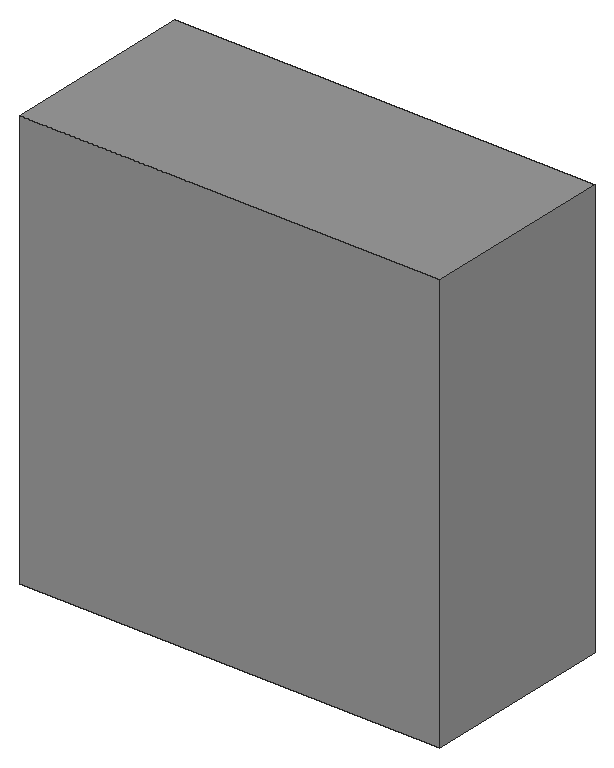
Revit family "NRG_Bedieneinheit_V1700", category Notrufgeräte, Revit 2017
Family settings
  Beschriftungsausrichtung beibehalten = Nein
  Bemaßung runder Anschluss = Durchmesser verwenden
  Teiletyp = Normal
  OmniClass-Nummer = 23.85.30.24
  OmniClass-Titel = Emergency Call Systems
  Arbeitsebenenbasiert = Nein
  Immer vertikal = Ja
  Beim Laden mit Abzugskörper schneiden = Ja
  Gemeinsam genutzt = Nein
  Raumberechnungspunkt = Nein
Parameters (values of type "Bedieneinheit_SR")
  pbr_Material_KZ = ""
  pbr_Material = none
  pbr_E_Typ = ""
  pbr_E_KZ = ""
  pbr_DINBild = 0
  pbr_Bild = 0
  pbr_3Dx_Delta_Korrekturversatz [instance] = 0 mm
  pbr_3DX_Versatzfaktor [instance] = 0
  pbr_2DY_Versatzfaktor [instance] = 0
  pbr_2DX_Versatzfaktor [instance] = 0
  lfd_STRK [instance] = 0
  cpiFitMatchKey [instance] = "BM EMA"  # constant formula
  Zimmersignalleuchte = no
  Winkel [instance] = 90.00°
  Typ [instance] = ""
  Tiefe = 37 mm
  Text3 [instance] = ""
  Text2 [instance] = ""
  Text1 [instance] = ""
  Port2 [instance] = ""
  Port1 [instance] = ""
  Planungsbüro Rohling = "www.pbr.de"
  Patchfeld [instance] = ""
  Notrufanzeige = no
  Netzart = ""
  Menge(Dosenzahl) [instance] = 0
  Länge = Breite  # 80 mm
  Linie/Anschluss [instance] = ""
  Linie [instance] = ""
  Lastklassifizierung = none
  Installationsart [instance] = ""
  Info [instance] = ""
  Gruppensignalleuchte = no
  Gewerk [instance] = "SR"
  Elektronikmodul mit Anzeigeeinheit = no
  Eckversatz [instance] = 0 mm
  YFrontversatz [instance] = if(pbr_2DY_Versatzfaktor = 300, 0 mm, pbr_2DY_Versatzfaktor * 300 mm)  # 0 mm
  XSeitenversatz [instance] = if(pbr_2DX_Versatzfaktor = 0, 3000 mm, 3000 mm + (pbr_2DX_Versatzfaktor * 300 mm)) + Eckversatz  # 3000 mm
  X3Dversatz [instance] = if([3DX_Versatzkontrolle] = 0, 2000 mm, 2000 mm + ([3DX_Versatzkontrolle] * (300 mm - Breite))) + pbr_3Dx_Delta_Korrekturversatz  # 2000 mm
  Niveau [instance] = 1200 mm
  Display = no
  Dienstzimmeranzeige = no
  Bus [instance] = ""
  Breite = 80 mm
  Betriebsstrom ruhe [instance] = 0
  Betriebsstrom max [instance] = 0
  Bedieneinheit SR = yes
  3DX_Versatzkontrolle [instance] = if(pbr_3DX_Versatzfaktor = 0, (pbr_2DX_Versatzfaktor * -1), (((-1 * pbr_3DX_Versatzfaktor) + pbr_2DX_Versatzfaktor) * -1))  # 0
  3DX_Versatz [instance] = if([3DX_Versatzkontrolle] = 0, 2000 mm, 2000 mm + ([3DX_Versatzkontrolle] * (300 mm - Breite))) + pbr_3Dx_Delta_Korrekturversatz  # 2000 mm
Reference planes
  plane 1 "Mitte (Vorne/Hinten)": y = 0
  plane 2: z = 0
  plane 3 "Mitte (Links/Rechts)": x = 22.5
  plane 4: x = -127.5
  plane 5: x = 172.5
  plane 6: y = 300
  plane 7 "Schalterhinten": y = 0
  plane 8: x = -2977.5
  plane 9: x = 22.5
  plane 10: x = -1977.5
  plane 11: x = -17.5
  plane 12: x = 62.5
  plane 13: z = 1240
  plane 14: z = 1160
  plane 15 "SchalterVorne": y = 37
  plane 16 "3DMitte": x = 22.5
  plane 17 "Achse": z = 1200
  plane 18: z = 1197.5
  plane 19: z = 1202.5
  plane 20 "2DMitte": y = 150
Forms (mm)
  Extrusion 1, solid, material "Stahl, Edelstahl"
    sketch origin (0, 20, 0) x (0, 0, 1) y (-1, 0, 0)
      loop
        line (1160, 17.5) -> (1160, -62.5) -> (1240, -62.5) -> (1240, 17.5) -> (1160, 17.5)
    from -17 to 20
Lines and regions (mm)
  model lines, not visible
    curve 1: line (-127.5, 0, 0) -> (172.5, 0, 0)
    curve 2: line (-127.5, 300, 0) -> (-127.5, 0, 0)
    curve 3: line (172.5, 300, 0) -> (-127.5, 300, 0)
    curve 4: line (172.5, 0, 0) -> (172.5, 300, 0)
Dimensions and locks
  locked: plane 6 to plane 7 "Schalterhinten" at 300
  "XSeitenversatz": plane 8 to plane 9
  plane 8 to plane 3 "Mitte (Links/Rechts)" = 3000 mm
  "YFrontversatz": plane 1 "Mitte (Vorne/Hinten)" to plane 7 "Schalterhinten"
  "Breite": plane 12 to plane 11
  "Länge": plane 13 to plane 14
  plane 9 to plane 10 = 2000 mm
  equal spacing: plane 12, plane 16 "3DMitte", plane 11
  equal spacing: plane 13, plane 17 "Achse", plane 14
  "Niveau": plane 17 "Achse" to level
  "Tiefe": plane 15 "SchalterVorne" to plane 1 "Mitte (Vorne/Hinten)"
  plane 13 to plane 18 = 42.5 mm
  plane 19 to plane 14 = 42.5 mm
  equal spacing: plane 4, plane 9, plane 5, locked at 150 each
  locked: plane 4 to plane 5 at 300
  equal spacing: plane 6, plane 20 "2DMitte", plane 7 "Schalterhinten", locked at 150 each
  locked: plane 9 to plane 10 at 2000
  "3DX_Versatz": plane 3 "Mitte (Links/Rechts)" to plane 10
  aligned and locked: level to plane 2
  aligned and locked: curve 1 to plane 7 "Schalterhinten"
  aligned and locked: curve 2 to plane 4
  aligned and locked: plane 6 to curve 3
  aligned and locked: plane 5 to curve 4
  aligned and locked: Extrusion 1 sketch curve to plane 14
  aligned and locked: Extrusion 1 sketch curve to plane 11
  aligned and locked: Extrusion 1 sketch curve to plane 13
  aligned and locked: plane 12 to Extrusion 1 sketch curve
  aligned and locked: plane 1 "Mitte (Vorne/Hinten)" to Extrusion 1
  aligned and locked: Extrusion 1 to plane 15 "SchalterVorne"
  aligned and locked: nested 1 to plane 9
  aligned and locked: nested 1 to plane 7 "Schalterhinten"
Nested families
  nested 1: "Bedieneinheit (SR)" at (22.5, 0, 0), Winkel <- "Winkel", visible <- "Bedieneinheit SR", type "Bedieneinheit (SR)"
    with Winkel 90.00°
Connectors
  electrical at (22.5, 0, 1200)
    settings: on Extrusion 1, index 1, voltage 0 V, apparent load 0 VA, apparent load phase1 0 VA, apparent load phase2 0 VA, apparent load phase3 0 VA, power factor 1, load classification "Sonstige", number of poles 1, system type 12, power factor state 1, is connector primary yes, connector utility no, sub classification motor no, connector description ""
Definition of nested family "Bedieneinheit (SR)"
  Parameters (values of type "Bedieneinheit (SR)")
    Winkel [instance] = 90.00°
    Geräteanschluss = yes
    E = yes
    B = yes
  Reference planes
    plane 1 "Mitte (Vorne/Hinten)": y = 0
    plane 2: z = 0
    plane 3 "Mitte (Links/Rechts)": x = 0
    plane 4: x = 0
  Lines and regions (mm)
    Filled region 1, type "Beton", in view "Referenzebene", visible <- "B"
      outline origin (1790.54, -896.857, 0) x (1, 0, 0) y (0, 1, 0)
        loop
          line (-1920.609, 942.626) -> (-1855.609, 942.626)
          spline (-1855.609, 942.626) -> (-1835.594, 943.605) -> (-1825.17, 945.436) -> (-1814.448, 948.944) -> (-1803.352, 955.644) -> (-1795.77, 964.082) -> (-1790.686, 973.627) -> (-1787.382, 984.872) -> (-1786.838, 998.359) -> (-1788.768, 1008.373) -> (-1794.075, 1019.29) -> (-1801.467, 1027.477) -> (-1815.072, 1035.245)
          line (-1815.072, 1035.245) -> (-1820.048, 1037.056)
          spline (-1820.048, 1037.056) -> (-1805.079, 1048.258) -> (-1800.195, 1055.343) -> (-1796.639, 1064.126) -> (-1795.261, 1073.741) -> (-1795.983, 1082.683) -> (-1799.341, 1092.636) -> (-1803.884, 1100.759) -> (-1809.648, 1107.221) -> (-1817.475, 1112.735) -> (-1826.558, 1116.642) -> (-1836.686, 1118.885) -> (-1855.609, 1120.011)
          line (-1855.609, 1120.011) -> (-1920.609, 1120.011) -> (-1920.609, 942.626)
        loop
          line (-1897.11, 963.61) -> (-1855.609, 963.61)
          spline (-1855.609, 963.61) -> (-1836.834, 964.4) -> (-1827.279, 967.278) -> (-1819.881, 971.898) -> (-1814.52, 978.981) -> (-1811.331, 988.228) -> (-1811.076, 997.461) -> (-1813.359, 1006.549) -> (-1818.49, 1014.359) -> (-1825.441, 1019.654) -> (-1835.139, 1022.941) -> (-1843.905, 1024.137) -> (-1855.609, 1024.607)
          line (-1855.609, 1024.607) -> (-1897.11, 1024.607) -> (-1897.11, 963.61)
        loop
          line (-1897.161, 1045.51) -> (-1849.88, 1045.51)
          spline (-1849.88, 1045.51) -> (-1835.259, 1047.917) -> (-1828.51, 1051.108) -> (-1822.94, 1056.354) -> (-1819.384, 1063.762) -> (-1818.309, 1071.891) -> (-1819.151, 1079.55) -> (-1822.27, 1087.085) -> (-1826.995, 1092.542) -> (-1834.027, 1096.477) -> (-1841.087, 1098.034) -> (-1849.643, 1098.828) -> (-1865.848, 1099.069)
          line (-1865.848, 1099.069) -> (-1897.161, 1099.069) -> (-1897.161, 1045.51)
    Filled region 2, type "Beton", in view "Referenzebene", visible <- "E"
      outline origin (1401.915, -896.936, 0) x (1, 0, 0) y (0, 1, 0)
        loop
          line (-1402.305, 1120.011) -> (-1402.305, 942.626) -> (-1269.848, 942.626) -> (-1269.848, 963.574) -> (-1378.784, 963.574) -> (-1378.784, 1024.011) -> (-1280.634, 1024.011) -> (-1280.634, 1044.776) -> (-1378.784, 1044.776) -> (-1378.784, 1099.148) -> (-1273.998, 1099.148) -> (-1273.998, 1120.011) -> (-1402.305, 1120.011)
    detail lines, in view "Referenzebene", visible <- "Geräteanschluss"
      curve 1: line (-132, 264, 0) -> (132, 264, 0)
      curve 2: line (-132, 0, 0) -> (-132, 264, 0)
      curve 3: line (132, 0, 0) -> (-132, 0, 0)
      curve 4: line (132, 264, 0) -> (132, 0, 0)
